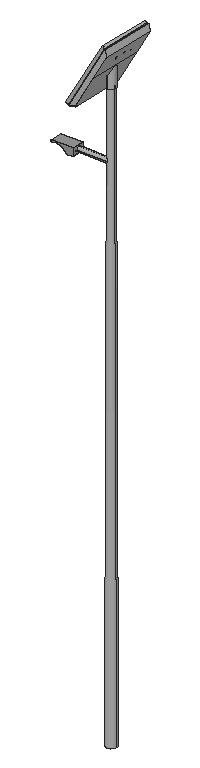
Revit family "Farola Solar Olintu L gris", category Luminarias, Revit 2021
Family settings
  Cota de conector redondo = Diámetro de uso
  Tipo de pieza = Normal
  Se basa en plano de trabajo = No
  Siempre vertical = Sí
  Corte con vacíos al cargar = No
  Origen de luz = No
  Compartido = Sí
  Punto de cálculo de habitación = No
Parameters
  URL producto = "https://ekiona.com/farolas-solares/serie-olintu/"
  URL = "https://www.ekiona.com/"
  Teléfono de contacto = "(+34) 943 30 80 51"
  Keynote = ""
  Modelo = "Modelo Olintu"
  Marcado CE = "SÍ"
  Garantía = "5 años"
  Gama de colores = "Blanco, Negro, Gris, Verde bosque, Acero galvanizado"
  Gama de acabados = "Galvanizado, Fibra de vidrio, Aluminio"
  Fabricante = "Ekiona"
  Elevación por defecto = 2000 mm
  E-mail de contacto = "info@ekiona.com"
  Distancia inserto-columa = Altura columna extremos - 150 mm  # 7850 mm
  Distancia brazo-final de columna = Altura columna extremos - 1000 mm  # 7000 mm
  Dirección = "Parque Tecnológico Miramón - Paseo Mikeletegi 56 - 20009 Donostia/San Sebastián"
  Descripción de la empresa = "Diseñamos, desarrollamos, fabricamos y comercializamos farolas solares que se adaptan a cualquier necesidad."
  Descripción = "Farola solar que combina diseño y eficencia"
  Clase eficiencia energética = "A++"
  Altura columna planos = Altura columna extremos  # 8000 mm
  Altura columna extremos = 8000 mm
Reference planes
  plane 1 "Center (Front/Back)": y = 0
  plane 2: z = 0
  plane 3 "Center (Left/Right)": x = 0
  plane 4: z = 8000
  plane 5: z = 7850
  plane 6: z = 7000
Dimensions and locks
  "Altura columna planos": level to plane 4
  "Altura columna extremos": nested 1 to plane 4
  "Distancia inserto-columa": level to plane 5
  "Distancia brazo-final de columna": level to plane 6
  aligned and locked: level to plane 2
  aligned and locked: plane 4 to nested 1
  aligned and locked: plane 5 to nested 2
  aligned and locked: plane 6 to nested 3
Nested families
  nested 1: "Columna Olintu L gris" at (0, 0, 0), type "Columna 8m"
  nested 2: "Tolva Olintu L gris" at (-30.017, 337.873, 6260.512), type "Tolva Olintu M"
  nested 3: "Luminaria Olintu L gris" at (0, 0, 6955), type "Luminaria 20W"
Definition of nested family "Columna Olintu L gris"
  Parameters (values of type "Columna 10m")
    Øsuperior = 88 mm
    Øinferior = 150 mm
    Material columna = none
    Default Elevation = 0 mm
    Altura columna [instance] = 10000 mm
  Types (3, lengths in mm): name | Øinferior | Altura columna
    Columna 9m | 145 | 9000
    Columna 8m | 140 | 8000
    Columna 10m | 150 | 10000
  Reference planes
    plane 1 "Center (Front/Back)": y = 0
    plane 2: z = 0
    plane 3 "Center (Left/Right)": x = 0
    plane 4: z = 10000
  Forms (mm)
    Blend 1, solid, material <- "Material columna"
      base sketch origin (0, 0, 0) x (1, 0, 0) y (0, 1, 0)
        loop
          circle (0, 0) r 75
      top sketch origin (0, 0, 0) x (1, 0, 0) y (0, 1, 0)
        loop
          circle (0, 0) r 44
      from 0 to 10000
  Dimensions and locks
    "Altura columna": plane 4 to level
    "Øinferior": diameter of Blend 1 sketch curve
    "Øsuperior": diameter of Blend 1 sketch curve
    aligned and locked: level to plane 2
    aligned and locked: plane 4 to Blend 1
  Automatic sketch dimensions
    plane 1 "Center (Front/Back)" to Blend 1 sketch curve = 0 mm  (x2)
    Blend 1 sketch curve to plane 3 "Center (Left/Right)" = 0 mm  (x2)
Definition of nested family "Tolva Olintu L gris"
  Parameters (values of type "Tolva Olintu M")
    Model = "Tolva Olintu"
    Material tapa = none
    Material inserto = none
    Material estructura base = none
    Material embellecedor = none
    Manufacturer = "Ekiona"
    Default Elevation = 0 mm
    Ancho panel = 545 mm
  Reference planes
    plane 1 "Center (Front/Back)": y = 0
    plane 2: z = 0
    plane 3 "Center (Left/Right)": x = 0
    plane 4 "Plano 1": through (314.197, -25, 2122.882) normal (-0.5, 0, 0.866)
    plane 5 "paralelo a vista izq": y = -337.5
    plane 6 "Plano 1": through (259.959, -25, 3493.187) normal (-0.5, 0, 0.866)
    plane 7: through (172.752, 0, 2142.023) normal (-0.866, 0, 0.5)
  Forms (mm)
    Extrusion 1, solid, material <- "Material estructura base"
      sketch origin (128.943, 0, 6.927) x (1, 0, 0) y (0, 0, 1)
        loop
          line (102.452, 2266.839) -> (-376.662, 1436.99) -> (-311.636, 1399.447) -> (167.478, 2229.297) -> (102.452, 2266.839)
      from 0 to 704.8
    Extrusion 2, void
      sketch origin (28.039, 0, -172.323) x (1, 0, 0) y (0, 0, 1)
        loop
          line (221.073, 2440.009) -> (236.391, 2353.137) -> (284.006, 2435.609) -> (221.073, 2440.009)
      from 0 to 704.8
    Extrusion 3, void
      sketch origin (59.33, 0, -118.226) x (1, 0, 0) y (0, 0, 1)
        loop
          line (-212.839, 1570.569) -> (-289.787, 1549.95) -> (-300.47, 1528.787) -> (-231.188, 1488.787) -> (-191.188, 1558.069) -> (-212.839, 1570.569)
      from 0 to 769.834
    Extrusion 4, solid, material <- "Material tapa"
      sketch origin (-59.014, 0, -318.454) x (1, 0, 0) y (0, 0, 1)
        loop
          line (290.483, 2592.177) -> (309.316, 2581.303) -> (323.733, 2499.539) -> (152.052, 2202.179) -> (153.752, 2201.197) -> (325.531, 2498.727) -> (310.698, 2582.853) -> (291.499, 2593.937) -> (290.483, 2592.177)
      from 0 to 704.8
    Extrusion 5, solid, material <- "Material embellecedor"
      sketch origin (128.918, 0, 7.059) x (1, 0, 0) y (0, 0, 1)
        loop
          line (-35.978, 1876.723) -> (-285.554, 1444.445) -> (-356.741, 1425.371) -> (-376.562, 1436.815) -> (-377.509, 1435.176) -> (-356.946, 1423.304) -> (-284.094, 1442.825) -> (-34.182, 1875.686) -> (-35.978, 1876.723)
      from 0 to 704.8
    Extrusion 6, void
      sketch origin (-959.244, -34.1, 22.516) x (0, 1, 0) y (0.5, 0, 0.866025)
        loop
          line (-463.861, 2321.81) -> (-416.148, 2321.81)
          arc (-416.148, 2321.81) -> (-419.48, 2339.286) -> (-430.409, 2353.323) r 37.954
          arc (-430.409, 2353.323) -> (-445.409, 2358.568) -> (-460.409, 2353.323) r 24.073
          arc (-460.409, 2353.323) -> (-471.433, 2339.075) -> (-474.645, 2321.349) r 37.954
          arc (-474.645, 2321.349) -> (-473.167, 2312.913) -> (-469.836, 2305.024) r 37.954
          arc (-469.836, 2305.024) -> (-441.562, 2289.96) -> (-416.017, 2309.293) r 29.744
          line (-416.017, 2309.293) -> (-423.962, 2312.74)
          arc (-423.962, 2312.74) -> (-442.617, 2300.75) -> (-461.255, 2312.766) r 20.484
          arc (-461.255, 2312.766) -> (-462.888, 2317.193) -> (-463.861, 2321.81) r 32.425
        loop
          line (-462.861, 2331.038) -> (-427.861, 2331.038)
          arc (-427.861, 2331.038) -> (-445.361, 2348.538) -> (-462.861, 2331.038) r 17.5
        loop
          line (-407.152, 2354.99) -> (-407.152, 2299.99)
          arc (-407.152, 2299.99) -> (-401.908, 2294.747) -> (-396.665, 2299.99) r 5.244
          line (-396.665, 2299.99) -> (-396.665, 2315.008) -> (-387.196, 2324.476) -> (-367.121, 2295.806)
          arc (-367.121, 2295.806) -> (-360.158, 2294.578) -> (-358.93, 2301.542) r 5
          line (-358.93, 2301.542) -> (-380.016, 2331.656) -> (-362.339, 2349.334)
          arc (-362.339, 2349.334) -> (-362.339, 2357.323) -> (-370.328, 2357.323) r 5.649
          line (-370.328, 2357.323) -> (-396.665, 2330.986) -> (-396.665, 2354.99)
          arc (-396.665, 2354.99) -> (-401.908, 2360.234) -> (-407.152, 2354.99) r 5.244
        loop
          line (-345.695, 2330.348) -> (-345.695, 2298.296)
          arc (-345.695, 2298.296) -> (-340.695, 2293.296) -> (-335.695, 2298.296) r 5
          line (-335.695, 2298.296) -> (-335.695, 2330.348)
          arc (-335.695, 2330.348) -> (-340.695, 2335.348) -> (-345.695, 2330.348) r 5
        loop
          arc (-313.958, 2351.943) -> (-322.635, 2348.932) -> (-329.497, 2355.038) r 9.076
          arc (-329.497, 2355.038) -> (-336.449, 2361.579) -> (-345.695, 2359.211) r 9.903
          arc (-345.695, 2359.211) -> (-348.682, 2355.086) -> (-349.922, 2350.147) r 13.45
          arc (-349.922, 2350.147) -> (-346.706, 2343.243) -> (-339.177, 2342.089) r 8.071
          arc (-339.177, 2342.089) -> (-335.695, 2342.685) -> (-332.214, 2342.089) r 10.463
          arc (-332.214, 2342.089) -> (-327.031, 2338.208) -> (-325.061, 2332.04) r 10.635
          arc (-325.061, 2332.04) -> (-262.525, 2310.202) -> (-313.958, 2351.943) r 33.621
        loop
          line (-250.357, 2353.481) -> (-250.357, 2298.481)
          arc (-250.357, 2298.481) -> (-243.625, 2291.749) -> (-236.893, 2298.481) r 6.732
          line (-236.893, 2298.481) -> (-236.893, 2343.466)
          arc (-236.893, 2343.466) -> (-229.971, 2349.019) -> (-221.459, 2351.529) r 22.933
          arc (-221.459, 2351.529) -> (-212.902, 2347.984) -> (-209.357, 2339.427) r 12.102
          line (-209.357, 2339.427) -> (-209.357, 2298.481)
          arc (-209.357, 2298.481) -> (-203.024, 2292.148) -> (-196.691, 2298.481) r 6.333
          line (-196.691, 2298.481) -> (-196.691, 2339.905)
          arc (-196.691, 2339.905) -> (-198.028, 2347.169) -> (-201.863, 2353.481) r 20.404
          arc (-201.863, 2353.481) -> (-219.569, 2360.932) -> (-237.793, 2354.854) r 27.258
          arc (-237.793, 2354.854) -> (-244.69, 2359.8) -> (-250.357, 2353.481) r 6.357
        loop
          arc (-184.719, 2344.597) -> (-181.441, 2338.502) -> (-174.681, 2339.98) r 5.745
          arc (-174.681, 2339.98) -> (-169.693, 2349.593) -> (-159.36, 2352.836) r 14.106
          arc (-159.36, 2352.836) -> (-151.076, 2350.212) -> (-144.661, 2344.349) r 20.193
          line (-144.661, 2344.349) -> (-144.661, 2338.186)
          arc (-144.661, 2338.186) -> (-158.183, 2333.475) -> (-172.248, 2330.794) r 97.575
          arc (-172.248, 2330.794) -> (-181.869, 2326.808) -> (-185.855, 2317.187) r 13.607
          arc (-185.855, 2317.187) -> (-186.09, 2312.502) -> (-186.044, 2307.811) r 78.299
          arc (-186.044, 2307.811) -> (-182.313, 2300.899) -> (-176.154, 2296.024) r 19.471
          arc (-176.154, 2296.024) -> (-166.154, 2293.649) -> (-156.154, 2296.024) r 22.235
          arc (-156.154, 2296.024) -> (-150.683, 2299.242) -> (-145.676, 2303.144) r 48.757
          line (-145.676, 2303.144) -> (-145.676, 2297.176)
          arc (-145.676, 2297.176) -> (-140.801, 2292.301) -> (-135.926, 2297.176) r 4.875
          line (-135.926, 2297.176) -> (-135.926, 2347.483)
          arc (-135.926, 2347.483) -> (-140.108, 2354.143) -> (-146.491, 2358.739) r 20.503
          arc (-146.491, 2358.739) -> (-158.534, 2361.376) -> (-170.577, 2358.739) r 28.822
          arc (-170.577, 2358.739) -> (-178.914, 2352.934) -> (-184.719, 2344.597) r 28.822
        loop
          arc (-144.661, 2330.676) -> (-156.177, 2325.488) -> (-168.693, 2323.785) r 44.019
          arc (-168.693, 2323.785) -> (-173.358, 2321.852) -> (-175.29, 2317.187) r 6.598
          arc (-175.29, 2317.187) -> (-175.527, 2313.145) -> (-175.29, 2309.103) r 34.669
          arc (-175.29, 2309.103) -> (-173.729, 2305.335) -> (-169.961, 2303.774) r 5.329
          arc (-169.961, 2303.774) -> (-163.465, 2302.436) -> (-156.969, 2303.774) r 16.436
          arc (-156.969, 2303.774) -> (-150.056, 2308.034) -> (-144.661, 2314.101) r 27.926
          line (-144.661, 2314.101) -> (-144.661, 2330.676)
      from -19.407 to 3
    Revolve 7, solid, material <- "Material inserto"
      sketch origin (29.873, 0, -136.266) x (0, 1, 0) y (0, 0, 1)
        loop
          line (-287.5, 2035.827) -> (-287.5, 1725.755) -> (-284.5, 1725.755) -> (-284.5, 2035.827) -> (-287.5, 2035.827)
        axis (-337.5, 2035.827) -> (-337.5, 1725.755)
      angle from 0 to 360
    Extrusion 8, solid, not visible
      sketch origin (124.705, 0, 1465.982) x (1, 0, 0) y (0, 0, 1)
        loop
          line (25.298, 2103.034) -> (-292.965, 1551.785) -> (-241.004, 1521.785) -> (77.26, 2073.034) -> (25.298, 2103.034)
      from 70.047 to 615.047
    Extrusion 9, void, not visible
      sketch origin (-63.196, 0, 1140.322) x (1, 0, 0) y (0, 0, 1)
        loop
          line (224.128, 2422.685) -> (236.948, 2349.979) -> (276.798, 2419.002) -> (224.128, 2422.685)
      from 0 to 675
    Extrusion 10, void, not visible
      sketch origin (124.705, 0, 1465.982) x (1, 0, 0) y (0, 0, 1)
        loop
          line (-212.839, 1570.569) -> (-289.787, 1549.95) -> (-300.47, 1528.787) -> (-231.188, 1488.787) -> (-191.188, 1558.069) -> (-212.839, 1570.569)
      from 0 to 675
    Extrusion 11, solid, not visible
      sketch origin (-63.252, 0, 1140.601) x (1, 0, 0) y (0, 0, 1)
        loop
          line (212.635, 2427.51) -> (224.709, 2420.539) -> (237.206, 2349.669) -> (152.052, 2202.179) -> (153.752, 2201.197) -> (239.192, 2349.183) -> (226.372, 2421.888) -> (213.635, 2429.242) -> (212.635, 2427.51)
      from 70.047 to 615.047
    Extrusion 12, solid, not visible
      sketch origin (124.679, 0, 1466.114) x (1, 0, 0) y (0, 0, 1)
        loop
          line (-35.879, 1876.666) -> (-212.705, 1570.395) -> (-289.813, 1549.734) -> (-293.065, 1551.612) -> (-294.068, 1549.876) -> (-290.068, 1547.567) -> (-211.46, 1568.63) -> (-34.182, 1875.686) -> (-35.879, 1876.666)
      from 70.047 to 615.047
    Extrusion 13, solid, not visible
      sketch origin (124.769, 0, 1465.921) x (1, 0, 0) y (0, 0, 1)
        loop
          line (-292.965, 1551.785) -> (25.035, 2102.578) -> (-5.276, 2120.078) -> (-323.276, 1569.285) -> (-292.965, 1551.785)
      from 70.047 to 615.047
    Extrusion 14, void, not visible
      sketch origin (-1013.482, -34.1, 1392.821) x (0, 1, 0) y (0.5, 0, 0.866025)
        loop
          line (-463.861, 2321.81) -> (-416.148, 2321.81)
          arc (-416.148, 2321.81) -> (-419.48, 2339.286) -> (-430.409, 2353.323) r 37.954
          arc (-430.409, 2353.323) -> (-445.409, 2358.568) -> (-460.409, 2353.323) r 24.073
          arc (-460.409, 2353.323) -> (-471.433, 2339.075) -> (-474.645, 2321.349) r 37.954
          arc (-474.645, 2321.349) -> (-473.167, 2312.913) -> (-469.836, 2305.024) r 37.954
          arc (-469.836, 2305.024) -> (-441.562, 2289.96) -> (-416.017, 2309.293) r 29.744
          line (-416.017, 2309.293) -> (-423.962, 2312.74)
          arc (-423.962, 2312.74) -> (-442.617, 2300.75) -> (-461.255, 2312.766) r 20.484
          arc (-461.255, 2312.766) -> (-462.888, 2317.193) -> (-463.861, 2321.81) r 32.425
        loop
          line (-462.861, 2331.038) -> (-427.861, 2331.038)
          arc (-427.861, 2331.038) -> (-445.361, 2348.538) -> (-462.861, 2331.038) r 17.5
        loop
          line (-407.152, 2354.99) -> (-407.152, 2299.99)
          arc (-407.152, 2299.99) -> (-401.908, 2294.747) -> (-396.665, 2299.99) r 5.244
          line (-396.665, 2299.99) -> (-396.665, 2315.008) -> (-387.196, 2324.476) -> (-367.121, 2295.806)
          arc (-367.121, 2295.806) -> (-360.158, 2294.578) -> (-358.93, 2301.542) r 5
          line (-358.93, 2301.542) -> (-380.016, 2331.656) -> (-362.339, 2349.334)
          arc (-362.339, 2349.334) -> (-362.339, 2357.323) -> (-370.328, 2357.323) r 5.649
          line (-370.328, 2357.323) -> (-396.665, 2330.986) -> (-396.665, 2354.99)
          arc (-396.665, 2354.99) -> (-401.908, 2360.234) -> (-407.152, 2354.99) r 5.244
        loop
          line (-345.695, 2330.348) -> (-345.695, 2298.296)
          arc (-345.695, 2298.296) -> (-340.695, 2293.296) -> (-335.695, 2298.296) r 5
          line (-335.695, 2298.296) -> (-335.695, 2330.348)
          arc (-335.695, 2330.348) -> (-340.695, 2335.348) -> (-345.695, 2330.348) r 5
        loop
          arc (-313.958, 2351.943) -> (-322.635, 2348.932) -> (-329.497, 2355.038) r 9.076
          arc (-329.497, 2355.038) -> (-336.449, 2361.579) -> (-345.695, 2359.211) r 9.903
          arc (-345.695, 2359.211) -> (-348.682, 2355.086) -> (-349.922, 2350.147) r 13.45
          arc (-349.922, 2350.147) -> (-346.706, 2343.243) -> (-339.177, 2342.089) r 8.071
          arc (-339.177, 2342.089) -> (-335.695, 2342.685) -> (-332.214, 2342.089) r 10.463
          arc (-332.214, 2342.089) -> (-327.031, 2338.208) -> (-325.061, 2332.04) r 10.635
          arc (-325.061, 2332.04) -> (-262.525, 2310.202) -> (-313.958, 2351.943) r 33.621
        loop
          line (-250.357, 2353.481) -> (-250.357, 2298.481)
          arc (-250.357, 2298.481) -> (-243.625, 2291.749) -> (-236.893, 2298.481) r 6.732
          line (-236.893, 2298.481) -> (-236.893, 2343.466)
          arc (-236.893, 2343.466) -> (-229.971, 2349.019) -> (-221.459, 2351.529) r 22.933
          arc (-221.459, 2351.529) -> (-212.902, 2347.984) -> (-209.357, 2339.427) r 12.102
          line (-209.357, 2339.427) -> (-209.357, 2298.481)
          arc (-209.357, 2298.481) -> (-203.024, 2292.148) -> (-196.691, 2298.481) r 6.333
          line (-196.691, 2298.481) -> (-196.691, 2339.905)
          arc (-196.691, 2339.905) -> (-198.028, 2347.169) -> (-201.863, 2353.481) r 20.404
          arc (-201.863, 2353.481) -> (-219.569, 2360.932) -> (-237.793, 2354.854) r 27.258
          arc (-237.793, 2354.854) -> (-244.69, 2359.8) -> (-250.357, 2353.481) r 6.357
        loop
          arc (-184.719, 2344.597) -> (-181.441, 2338.502) -> (-174.681, 2339.98) r 5.745
          arc (-174.681, 2339.98) -> (-169.693, 2349.593) -> (-159.36, 2352.836) r 14.106
          arc (-159.36, 2352.836) -> (-151.076, 2350.212) -> (-144.661, 2344.349) r 20.193
          line (-144.661, 2344.349) -> (-144.661, 2338.186)
          arc (-144.661, 2338.186) -> (-158.183, 2333.475) -> (-172.248, 2330.794) r 97.575
          arc (-172.248, 2330.794) -> (-181.869, 2326.808) -> (-185.855, 2317.187) r 13.607
          arc (-185.855, 2317.187) -> (-186.09, 2312.502) -> (-186.044, 2307.811) r 78.299
          arc (-186.044, 2307.811) -> (-182.313, 2300.899) -> (-176.154, 2296.024) r 19.471
          arc (-176.154, 2296.024) -> (-166.154, 2293.649) -> (-156.154, 2296.024) r 22.235
          arc (-156.154, 2296.024) -> (-150.683, 2299.242) -> (-145.676, 2303.144) r 48.757
          line (-145.676, 2303.144) -> (-145.676, 2297.176)
          arc (-145.676, 2297.176) -> (-140.801, 2292.301) -> (-135.926, 2297.176) r 4.875
          line (-135.926, 2297.176) -> (-135.926, 2347.483)
          arc (-135.926, 2347.483) -> (-140.108, 2354.143) -> (-146.491, 2358.739) r 20.503
          arc (-146.491, 2358.739) -> (-158.534, 2361.376) -> (-170.577, 2358.739) r 28.822
          arc (-170.577, 2358.739) -> (-178.914, 2352.934) -> (-184.719, 2344.597) r 28.822
        loop
          arc (-144.661, 2330.676) -> (-156.177, 2325.488) -> (-168.693, 2323.785) r 44.019
          arc (-168.693, 2323.785) -> (-173.358, 2321.852) -> (-175.29, 2317.187) r 6.598
          arc (-175.29, 2317.187) -> (-175.527, 2313.145) -> (-175.29, 2309.103) r 34.669
          arc (-175.29, 2309.103) -> (-173.729, 2305.335) -> (-169.961, 2303.774) r 5.329
          arc (-169.961, 2303.774) -> (-163.465, 2302.436) -> (-156.969, 2303.774) r 16.436
          arc (-156.969, 2303.774) -> (-150.056, 2308.034) -> (-144.661, 2314.101) r 27.926
          line (-144.661, 2314.101) -> (-144.661, 2330.676)
      from -19.407 to 3
    Revolve 15, solid, not visible
      sketch origin (0, 0, 1241.412) x (0, 1, 0) y (0, 0, 1)
        loop
          line (-287.5, 2035.827) -> (-287.5, 1725.755) -> (-284.5, 1725.755) -> (-284.5, 2035.827) -> (-287.5, 2035.827)
        axis (-337.5, 2035.827) -> (-337.5, 1725.755)
      angle from 0 to 360
    Extrusion 16, solid, not visible
      sketch origin (128.943, 0, 6.927) x (1, 0, 0) y (0, 0, 1)
        loop
          line (25.298, 2103.034) -> (-292.965, 1551.785) -> (-241.004, 1521.785) -> (77.26, 2073.034) -> (25.298, 2103.034)
      from 70.047 to 615.047
    Extrusion 17, solid, not visible
      sketch origin (-59.014, 0, -318.454) x (1, 0, 0) y (0, 0, 1)
        loop
          line (212.635, 2427.51) -> (224.709, 2420.539) -> (237.206, 2349.669) -> (152.052, 2202.179) -> (153.752, 2201.197) -> (239.192, 2349.183) -> (226.372, 2421.888) -> (213.635, 2429.242) -> (212.635, 2427.51)
      from 70.047 to 615.047
    Extrusion 18, solid, not visible
      sketch origin (128.918, 0, 7.059) x (1, 0, 0) y (0, 0, 1)
        loop
          line (-35.879, 1876.666) -> (-212.705, 1570.395) -> (-289.813, 1549.734) -> (-293.065, 1551.612) -> (-294.068, 1549.876) -> (-290.068, 1547.567) -> (-211.46, 1568.63) -> (-34.182, 1875.686) -> (-35.879, 1876.666)
      from 70.047 to 615.047
    Revolve 19, solid, not visible
      sketch origin (0, 0, -217.643) x (0, 1, 0) y (0, 0, 1)
        loop
          line (-287.5, 2035.827) -> (-287.5, 1725.755) -> (-284.5, 1725.755) -> (-284.5, 2035.827) -> (-287.5, 2035.827)
        axis (-337.5, 2035.827) -> (-337.5, 1725.755)
      angle from 0 to 360
    Extrusion 20, solid
      sketch origin (-12.917, 0, 7.457) x (1, 0, 0) y (0, 0, 1)
        loop
          line (245.402, 2268.026) -> (215.091, 2285.526) -> (-265.985, 1452.278) -> (-235.674, 1434.778) -> (245.402, 2268.026)
      from 0 to 704.8
  Cuts and joins
    Extrusion 2, Extrusion 3, Extrusion 6 cuts Extrusion 1
    Extrusion 6 cuts Extrusion 4
  Dimensions and locks
    cut or joined group of Extrusion 4, Extrusion 6 to cut or joined group of Extrusion 4, Extrusion 6 = 704.8 mm
    Extrusion 5 to Extrusion 5 = 704.8 mm
    cut or joined group of Extrusion 1, Extrusion 2, Extrusion 3, Extrusion 6 to cut or joined group of Extrusion 1, Extrusion 2, Extrusion 3, Extrusion 6 = 704.8 mm
    Revolve 7 sketch curve to Revolve 7 sketch curve = 50 mm
    Revolve 7 sketch curve to Revolve 7 sketch curve = 53 mm
    Revolve 19 sketch curve to Revolve 19 sketch curve = 50 mm
    Revolve 19 sketch curve to Revolve 19 sketch curve = 53 mm
    Extrusion 20 to Extrusion 4 = 2.033 mm
    aligned and locked: level to plane 2
    aligned and locked: Extrusion 4 to cut or joined group of Extrusion 1, Extrusion 2, Extrusion 3, Extrusion 6
Definition of nested family "Luminaria Olintu L gris"
  Parameters (values of type "Luminaria 80W")
    Tilt Angle = 70.00°
    built-in parameter 1010506 = 0.34907 (stored number, unit not read)
    built-in parameter 1010507 = 1.2217 (stored number, unit not read)
    Wattage = 80 W
    built-in parameter 1150107 = 3000 (stored number, unit not read)
    built-in parameter 1150110 = 1 (stored number, unit not read)
    built-in parameter 1150109 = 1 (stored number, unit not read)
    built-in parameter 1150112 = 1 (stored number, unit not read)
    built-in parameter 1150113 = 1 (stored number, unit not read)
    built-in parameter 1114218 = 1 (stored number, unit not read)
    built-in parameter 1150137 = (empty or 0)
    built-in parameter 1150132 = (empty or 0)
    Material luminaria = none
    Material brazo = none
    Material LED = none
    Light Source Symbol Length = 3048 mm
    built-in parameter 1150105 = 97231.6 (stored number, unit not read)
    built-in parameter 1150102 = (empty or 0)
    built-in parameter 1150106 = 972.32 (stored number, unit not read)
    Emit Shape Visible in Rendering = no
    Lumens = 13200 lm
    Color Filter = 16777215
    built-in parameter 1114217 = 0.7 (stored number, unit not read)
    built-in parameter 1150139 = (empty or 0)
    Default Elevation = 0 mm
    built-in parameter 1150104 = 15.329 (stored number, unit not read)
    Emit from Circle Diameter = 50 mm
    built-in parameter 1150115 = 1 (stored number, unit not read)
    built-in parameter 1150114 = 1 (stored number, unit not read)
    built-in parameter 1150138 = (empty or 0)
    built-in parameter 1150134 = (empty or 0)
    Dimming Lamp Color Temperature Shift = (empty or 0)
    built-in parameter 1150133 = 10 (stored number, unit not read)
  Types (7, lengths in mm): name | Wattage | built-in parameter 1150105 | built-in parameter 1150106 | Lumens
    Luminaria 30W | 30 W | 36461.8 (stored number, unit not read) | 364.62 (stored number, unit not read) | 4950 lm
    Luminaria 20W | 20 W | 24307.9 (stored number, unit not read) | 243.08 (stored number, unit not read) | 3300 lm
    Luminaria 40W | 40 W | 48615.8 (stored number, unit not read) | 486.16 (stored number, unit not read) | 6600 lm
    Luminaria 50W | 50 W | 60769.7 (stored number, unit not read) | 607.7 (stored number, unit not read) | 8250 lm
    Luminaria 60W | 60 W | 72923.7 (stored number, unit not read) | 729.24 (stored number, unit not read) | 9900 lm
    Luminaria 80W | 80 W | 97231.6 (stored number, unit not read) | 972.32 (stored number, unit not read) | 13200 lm
    Luminaria 100W | 100 W | 121539.5 (stored number, unit not read) | 1215.4 (stored number, unit not read) | 16500 lm
  Reference planes
    plane 1 "Center (Front/Back)": y = 0
    plane 2: z = 0
    plane 3 "Center (Left/Right)": x = 0
  Forms (mm)
    Revolve 1, solid, material <- "Material brazo"
      sketch origin (303.946, 1.989, 0) x (1, 0, 0) y (0, 1, 0)
        loop
          line (-759.81, 30) -> (-302.022, 30) -> (-302.022, 33.284) -> (-759.81, 33.284) -> (-759.81, 30)
        axis (-759.81, 0) -> (-302.022, 0)
      angle from 0 to 360
    Revolve 2, solid, material <- "Material LED"
      sketch origin (491.23, 0, 1.202) x (1, 0, 0) y (0, 0, 1)
        loop
          arc (-1192.369, 27.257) -> (-1185.047, 9.579) -> (-1167.369, 2.257) r 25
          line (-1167.369, 2.257) -> (-1167.369, 27.257) -> (-1192.369, 27.257)
        axis (-1167.369, 27.257) -> (-1167.369, 2.257)
      angle from 0 to 360
    Extrusion 3, solid, material <- "Material luminaria"
      sketch origin (90.557, 170, -3.536) x (1, 0, 0) y (0, 0, 1)
        loop
          arc (-530.557, 45) -> (-532.034, 47.059) -> (-534.093, 48.536) r 7.795
          line (-534.093, 48.536) -> (-819.093, 48.536)
          arc (-819.093, 48.536) -> (-830.585, 37.044) -> (-819.093, 25.552) r 11.492
          line (-819.093, 25.552) -> (-754.765, 25.552)
          arc (-754.765, 25.552) -> (-719.662, 20.455) -> (-685.221, 11.966) r 364.063
          arc (-685.221, 11.966) -> (-667.18, 1.896) -> (-655.103, -14.869) r 47.612
          arc (-655.103, -14.869) -> (-633.37, -40.263) -> (-603.441, -55.142) r 83.798
          arc (-603.441, -55.142) -> (-569.333, -56.37) -> (-535.764, -50.207) r 157.18
          arc (-535.764, -50.207) -> (-532.082, -48.682) -> (-530.557, -45) r 5.207
          line (-530.557, -45) -> (-530.557, 45)
      from 95.307 to 250
  Dimensions and locks
    aligned and locked: level to plane 2
